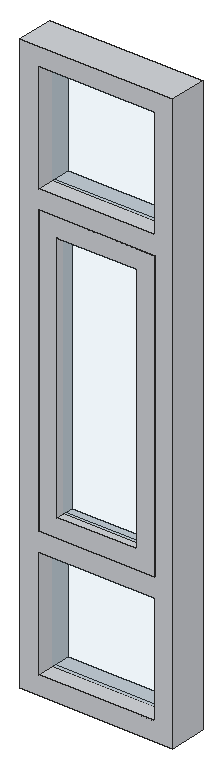
Revit family "W6_鋁窗1", category 窗, Revit 2014
Parameters (values of type "50 x 190 cm")
  熱阻 (R) = 0.271106 (m²·K)/W
  Visual Light Transmittance = 0.9
  Solar Heat Gain Coefficient = 0.78
  營造類型 Id = "GSP4R"
  Height = 1900 mm
  傳熱係數 (U) = 3.6886 W/(m²·K)
  預設窗台高度 = 450 mm
  關鍵註記 = "固定窗-矩形"
  Rough Height = Height  # 1900 mm
  Rough Width = Width  # 500 mm
  玻璃材質 = 玻璃
  牆封閉 = 依主體
  Width = 500 mm
  裝飾外框材料 = none
  裝飾外框寬度 = 60 mm
  裝飾外框厚度 = 60 mm
  解析營造 = "1/8 英吋 Pilkington 單層鑲嵌玻璃"
Reference planes
  plane 1: y = 0
  plane 2 "中心 (左/右)": x = 0
  plane 3 "左": x = -250
  plane 4 "右": x = 250
  plane 5 "窗台": z = 450
  plane 6 "標頭": z = 2350
  plane 7 "外部": y = 75
  plane 8 "內部": y = -75
  plane 9: z = 1900
  plane 10: z = 900
Forms (mm)
  Extrusion 1, solid, material <- "裝飾外框材料"
    sketch origin (-5000, 0, 0) x (1, 0, 0) y (0, 0, 1)
      loop
        line (5250, 2350) -> (4750, 2350) -> (4750, 450) -> (5250, 450) -> (5250, 2350)
      loop
        line (5190, 2290) -> (4810, 2290) -> (4810, 1930) -> (5190, 1930) -> (5190, 2290)
      loop
        line (4810, 510) -> (5190, 510) -> (5190, 870) -> (4810, 870) -> (4810, 510)
      loop
        line (5190, 1870) -> (4810, 1870) -> (4810, 930) -> (5190, 930) -> (5190, 1870)
    from -60 to 60
  Extrusion 2, solid, material "玻璃" <- "玻璃材質"
    sketch origin (-5000, 0, 0) x (1, 0, 0) y (0, 0, 1)
      loop
        line (5190, 2290) -> (4810, 2290) -> (4810, 1930) -> (5190, 1930) -> (5190, 2290)
      loop
        line (5190, 870) -> (4810, 870) -> (4810, 510) -> (5190, 510) -> (5190, 870)
    from -5 to 5
Lines and regions (mm)
  Opening 1
    outline origin (3500, -75, 0) x (1, 0, 0) y (0, 0, 1)
      loop
        line (-3250, 450) -> (-3250, 2350) -> (-3750, 2350) -> (-3750, 450) -> (-3250, 450)
  symbolic lines, style "立面圖打開方向"
    curve 1: line (-190, 0, 1870) -> (190, 0, 1400)
    curve 2: line (190, 0, 1400) -> (-190, 0, 930)
Text (mm)
  text "外部" at (-1963.203, 1332.353, 0), in view "參考樓層"
  text "內部" at (-1981.466, -818.386, 0), in view "參考樓層"
  text "外部" at (0, 923.751, 2943.296), in view "右"
  text "外部" at (0, 1040.484, 2685.409), in view "左"
Dimensions and locks
  equal spacing: plane 3 "左", plane 2 "中心 (左/右)", plane 4 "右"
  "Width": plane 3 "左" to plane 4 "右"
  "Height": plane 5 "窗台" to plane 6 "標頭"
  "預設窗台高度": plane 5 "窗台" to level
  locked: plane 7 "外部" to host wall at 0
  locked: plane 8 "內部" to host wall
  locked: plane 9 to plane 6 "標頭" at 450
  locked: plane 5 "窗台" to plane 10 at 450
  aligned and locked: Extrusion 2 to Extrusion 1  (x8)
  aligned and locked: nested 1 to Extrusion 1  (x4)
Automatic sketch dimensions
  Opening 1 sketch curve to plane 3 "左" = 0 mm
  Opening 1 sketch curve to plane 4 "右" = 0 mm
  Opening 1 sketch curve to plane 5 "窗台" = 0 mm
  Opening 1 sketch curve to plane 6 "標頭" = 0 mm
  plane 3 "左" to Extrusion 1 sketch curve = 0 mm
  plane 4 "右" to Extrusion 1 sketch curve = 0 mm
  Extrusion 1 sketch curve to plane 5 "窗台" = 0 mm
  Extrusion 1 sketch curve to plane 6 "標頭" = 0 mm
  Extrusion 1 sketch curve to plane 3 "左" = 60 mm  (x3)
  plane 4 "右" to Extrusion 1 sketch curve = 60 mm  (x3)
  Extrusion 1 sketch curve to plane 5 "窗台" = 60 mm
  plane 6 "標頭" to Extrusion 1 sketch curve = 60 mm
  plane 10 to Extrusion 1 sketch curve = 30 mm
  plane 9 to Extrusion 1 sketch curve = 30 mm
  Extrusion 1 sketch curve to plane 9 = 30 mm
  Extrusion 1 sketch curve to plane 10 = 30 mm
  Extrusion 2 sketch curve to plane 3 "左" = 60 mm  (x2)
  Extrusion 2 sketch curve to plane 5 "窗台" = 60 mm
  plane 4 "右" to Extrusion 2 sketch curve = 60 mm  (x2)
  Extrusion 2 sketch curve to plane 10 = 30 mm
  plane 9 to Extrusion 2 sketch curve = 30 mm
  plane 6 "標頭" to Extrusion 2 sketch curve = 60 mm
  plane 4 "右" to curve 1 = 60 mm
  curve 2 to plane 3 "左" = 60 mm
  curve 1 to plane 3 "左" = 60 mm
  plane 10 to curve 2 = 30 mm
  curve 2 to plane 9 = 500 mm
  curve 1 to plane 9 = 30 mm
Nested families
  nested 1: "窗框" at (-267.428, 919.367, -70), type "窗框"
    with Height 940 mm, Width 380 mm
Definition of nested family "窗框"
  Parameters (values of type "窗框")
    Height [instance] = 500 mm
    護桿寬度 = 20 mm
    護桿厚度 = 10 mm
    Rough Height = 500 mm
    Rough Width = 600 mm
    Width [instance] = 600 mm
    裝飾外框材料 = none
    玻璃材質 = none
    玻璃厚度 = 10 mm
    裝飾外框寬度 = 60 mm
    裝飾外框厚度 = 60 mm
    Assembly Code = ""
  Reference planes
    plane 1 "中心 (前/後)": y = -919.367
    plane 2: z = 0
    plane 3 "中心 (左/右)": x = 267.428
    plane 4 "玻璃-上": y = -944.367
    plane 5 "玻璃-下": y = -954.367
    plane 6: y = -979.367
    plane 7: x = -32.572
    plane 8: x = 567.428
    plane 9: x = 27.428
    plane 10: x = 507.428
    plane 11: z = 1440
    plane 12: z = 1500
    plane 13: z = 1060
    plane 14: z = 1000
    plane 15: y = -949.367
  Forms (mm)
    Extrusion 1, solid, material <- "玻璃材質"
      sketch origin (-1499.274, -949.367, 1200) x (-1, 0, 0) y (0, 0, 1)
        loop
          line (-1526.702, 240) -> (-2006.702, 240) -> (-2006.702, -140) -> (-1526.702, -140) -> (-1526.702, 240)
      from -5 to 5
    Extrusion 2, solid, material <- "裝飾外框材料"
      sketch origin (-1499.274, -949.367, 1200) x (-1, 0, 0) y (0, 0, 1)
        loop
          line (-1466.702, 300) -> (-2066.702, 300) -> (-2066.702, -200) -> (-1466.702, -200) -> (-1466.702, 300)
        loop
          line (-1526.702, 240) -> (-2006.702, 240) -> (-2006.702, -140) -> (-1526.702, -140) -> (-1526.702, 240)
      from -30 to 30
  Dimensions and locks
    equal spacing: plane 10, plane 3 "中心 (左/右)", plane 9
    "裝飾外框寬度": plane 8 to plane 10
    "裝飾外框寬度": plane 9 to plane 7
    "裝飾外框寬度": plane 12 to plane 11
    "Width": plane 8 to plane 7
    "裝飾外框寬度": plane 13 to plane 14
    "Height": plane 12 to plane 14
    plane 14 to level = 1000 mm
    equal spacing: plane 4 "玻璃-上", plane 15, plane 5 "玻璃-下"
    "玻璃厚度": plane 4 "玻璃-上" to plane 5 "玻璃-下"
    equal spacing: plane 6, plane 15, plane 1 "中心 (前/後)"
    "裝飾外框厚度": plane 6 to plane 1 "中心 (前/後)"
    aligned and locked: Extrusion 1 sketch curve to plane 11
    aligned and locked: plane 9 to Extrusion 1 sketch curve
    aligned and locked: Extrusion 1 sketch curve to plane 10
    aligned and locked: plane 13 to Extrusion 1 sketch curve
    aligned and locked: plane 7 to Extrusion 2 sketch curve
    aligned and locked: Extrusion 2 sketch curve to plane 12
    aligned and locked: Extrusion 2 sketch curve to plane 8
    aligned and locked: plane 9 to Extrusion 2 sketch curve
    aligned and locked: plane 13 to Extrusion 2 sketch curve
    aligned and locked: Extrusion 2 sketch curve to plane 10
    aligned and locked: Extrusion 2 sketch curve to plane 11
    aligned and locked: Extrusion 2 sketch curve to plane 14
    aligned and locked: plane 2 to level
    aligned and locked: plane 6 to Extrusion 2
    aligned and locked: plane 1 "中心 (前/後)" to Extrusion 2
    aligned and locked: plane 5 "玻璃-下" to Extrusion 1
    aligned and locked: plane 4 "玻璃-上" to Extrusion 1
